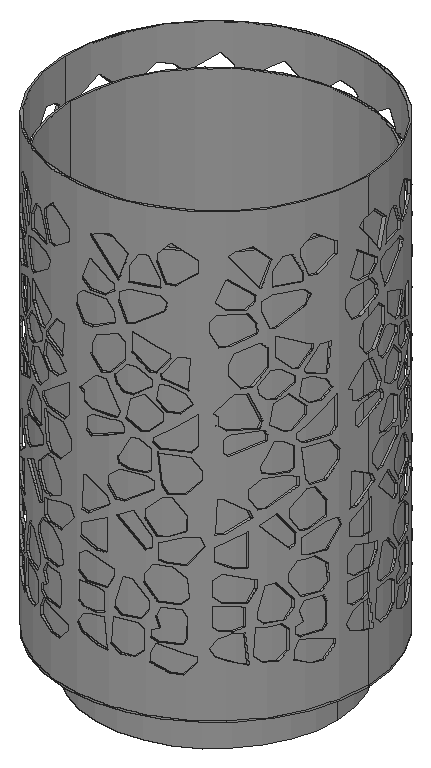
Revit family "Урна «Филигран» Арт 14824", category Антураж, Revit 2018 (continued)
Automatic sketch dimensions
  Extrusion 12 sketch curve to Extrusion 12 sketch curve = 6.951 mm
  Extrusion 12 sketch curve to plane 6 = 237.22 mm
  Extrusion 12 sketch curve to Extrusion 12 sketch curve = 3.346 mm
  Extrusion 12 sketch curve to plane 6 = 105.063 mm
  Extrusion 12 sketch curve to Extrusion 12 sketch curve = 10.479 mm
  Extrusion 12 sketch curve to Extrusion 12 sketch curve = 34.828 mm
  Extrusion 12 sketch curve to Extrusion 12 sketch curve = 10.416 mm
  Extrusion 12 sketch curve to Extrusion 12 sketch curve = 16.136 mm
  Extrusion 12 sketch curve to Extrusion 12 sketch curve = 6.799 mm
  Extrusion 12 sketch curve to Extrusion 12 sketch curve = 7.169 mm
  Extrusion 12 sketch curve to Extrusion 12 sketch curve = 5.238 mm
  Extrusion 12 sketch curve to Extrusion 12 sketch curve = 9.325 mm
  Extrusion 12 sketch curve to Extrusion 12 sketch curve = 3.067 mm
  Extrusion 12 sketch curve to Extrusion 12 sketch curve = 6.028 mm
  Extrusion 12 sketch curve to Extrusion 12 sketch curve = 5.996 mm
  Extrusion 12 sketch curve to Extrusion 12 sketch curve = 9.912 mm
  Extrusion 12 sketch curve to Extrusion 12 sketch curve = 17.678 mm
  Extrusion 12 sketch curve to Extrusion 12 sketch curve = 12.277 mm
  Extrusion 12 sketch curve to Extrusion 12 sketch curve = 5.217 mm
  Extrusion 12 sketch curve to Extrusion 12 sketch curve = 5 mm  (x2)
  Extrusion 12 sketch curve to Extrusion 12 sketch curve = 16.506 mm
  Extrusion 12 sketch curve to Extrusion 12 sketch curve = 8.083 mm
  Extrusion 12 sketch curve to Extrusion 12 sketch curve = 10.206 mm
  Extrusion 12 sketch curve to Extrusion 12 sketch curve = 8.77 mm
  Extrusion 12 sketch curve to Extrusion 12 sketch curve = 15 mm
  Extrusion 12 sketch curve to Extrusion 12 sketch curve = 5.016 mm
  Extrusion 12 sketch curve to Extrusion 12 sketch curve = 8.471 mm
  Extrusion 12 sketch curve to Extrusion 12 sketch curve = 7.673 mm
  Extrusion 12 sketch curve to Extrusion 12 sketch curve = 22.346 mm
  Extrusion 12 sketch curve to Extrusion 12 sketch curve = 12.177 mm
  Extrusion 12 sketch curve to Extrusion 12 sketch curve = 9.159 mm
  Extrusion 12 sketch curve to Extrusion 12 sketch curve = 18.751 mm
  Extrusion 12 sketch curve to Extrusion 12 sketch curve = 2.022 mm
  Extrusion 12 sketch curve to Extrusion 12 sketch curve = 21.253 mm
  Extrusion 13 sketch curve to Extrusion 13 sketch curve = 0 mm  (x2)
  plane 3 "По центру (Влево/Вправо)" to Extrusion 13 sketch curve = 200 mm
  Extrusion 13 sketch curve to plane 1 "По центру (Вперед/Назад)" = 200 mm
  plane 3 "По центру (Влево/Вправо)" to Extrusion 13 sketch curve = 7 mm
  plane 3 "По центру (Влево/Вправо)" to Extrusion 14 sketch curve = 200 mm
  plane 3 "По центру (Влево/Вправо)" to Extrusion 14 sketch curve = 9 mm
  Extrusion 14 sketch curve to Extrusion 14 sketch curve = 0 mm
  Extrusion 14 sketch curve to plane 1 "По центру (Вперед/Назад)" = 200 mm
  plane 3 "По центру (Влево/Вправо)" to curve 1 = 200 mm
  curve 1 to plane 1 "По центру (Вперед/Назад)" = 200 mm
  radius of Extrusion 2 sketch curve = 160 mm
  radius of Extrusion 2 sketch curve = 200 mm
